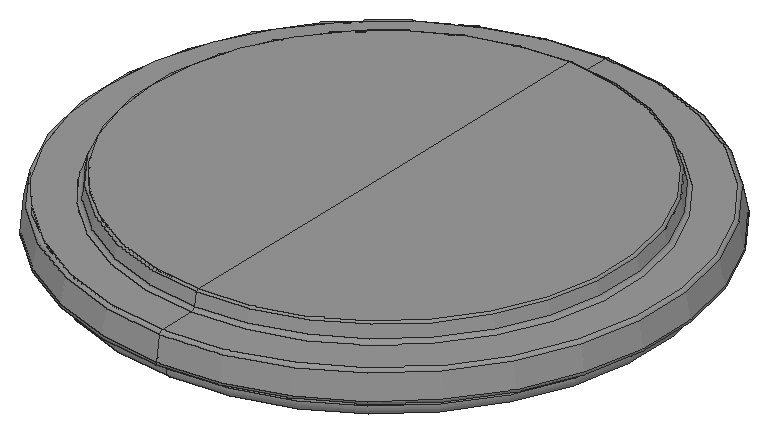
Revit family "FMK13_63_UN_Surface-mounted_ETK", category Lighting Fixtures, Revit 2017 (continued)
Definition of nested family "FMK.1 - Lightsource"
  Types (13, lengths in mm): name | Wattage Comments | Photometric Web File | built-in parameter 1150142 | Apparent Load
      82.7397\t271.7601\t260.7829\t249.8115\t238.199\t224.9904\t212.0355\t199.0916\r\n186.1571\t173.2273\t160.3064\t147.3979\t134.5054\t133.8004\t26.4433\t0\t0\t0\r\n0\t0\t0\t0\t0\t0\r\n405.3384\t404.7985\t404.2731\t402.9746\t400.9294\t398.9778\t395.1912\t391.2006\t387.1764\t383.1518\r\n379.3503\t373.2478\t366.6736\t360.0872\t353.4808\t347.1016\t338.8269\t329.9717\t321.1259\t312.2733\r\n303.6511\t293.3438\t282.42\t271.4857\t260.561\t249.8768\t237.5346\t224.5982\t211.6601\t198.736\r\n185.8092\t172.8976\t159.9952\t147.0924\t134.208\t131.9549\t19.0178\t0\t0\t0\r\n0\t0\t0\t0\t0\t0\r\n405.3384\t404.775\t404.2417\t402.941\t400.8877\t398.9141\t395.0686\t391.0953\t387.0939\t383.0703\r\n379.2465\t373.03\t366.4888\t359.9216\t353.3431\t346.971\t338.5451\t329.7328\t320.92\t312.0934\r\n303.4848\t293.0109\t282.1221\t271.2145\t260.3152\t249.6258\t237.1217\t224.202\t211.2903\t198.3835\r\n185.4706\t172.5647\t159.66\t146.7717\t133.8799\t129.6163\t13.1927\t0\t0\t0\r\n0\t0\t0\t0\t0\t0\r\n405.3384\t404.7527\t404.2068\t402.9019\t400.8767\t398.8558\t394.9637\t390.9782\t387.0011\t382.9988\r\n379.1382\t372.8305\t366.3205\t359.7944\t353.2392\t346.8416\t338.2971\t329.4929\t320.6819\t311.8859\r\n303.2565\t292.6827\t281.8284\t270.9715\t260.0963\t249.3876\t236.7404\t223.8309\t210.924\t198.0301\r\n185.1227\t172.2345\t159.3412\t146.4511\t133.5636\t127.1408\t8.7076\t0\t0\t0\r\n0\t0\t0\t0\t0\t0\r\n405.3384\t404.7317\t404.1685\t402.8573\t400.8341\t398.8203\t394.8729\t390.882\t386.8997\t382.9031\r\n379.0139\t372.6472\t366.1376\t359.6334\t353.1356\t346.7285\t338.0975\t329.2976\t320.4978\t311.7082\r\n303.0442\t292.3608\t281.5086\t270.6653\t259.8241\t249.1051\t236.3739\t223.483\t210.5936\t197.696\r\n184.8022\t171.9214\t159.0318\t146.1423\t133.2543\t124.7431\t5.3342\t0\t0\t0\r\n0\t0\t0\t0\t0\t0\r\n405.3384\t404.7118\t404.0854\t402.8071\t400.7827\t398.7607\t394.8082\t390.8197\t386.8117\t382.8145\r\n378.8745\t372.4566\t365.9558\t359.4647\t352.9636\t346.5217\t337.8337\t329.0692\t320.2987\t311.5096\r\n302.8013\t292.0593\t281.2296\t270.4093\t259.5758\t248.8064\t236.0021\t223.1017\t210.2133\t197.3263\r\n184.4407\t171.5452\t158.6583\t145.7732\t132.8917\t122.5723\t2.8944\t0\t0\t0\r\n0\t0\t0\t0\t0\t0\r\n405.3384\t404.6932\t404.0473\t402.7226\t400.7224\t398.6915\t394.7212\t390.7363\t386.7361\t382.7442\r\n378.7775\t372.3101\t365.7992\t359.3066\t352.8016\t346.3302\t337.6023\t328.8394\t320.0728\t311.2958\r\n302.561\t291.776\t280.951\t270.126\t259.3004\t248.5209\t235.6594\t222.7723\t209.8851\t196.9978\r\n184.1099\t171.2248\t158.3346\t145.4546\t132.5648\t120.8445\t1.2522\t0\t0\t0\r\n0\t0\t0\t0\t0\t0\r\n405.3384\t404.6757\t404.0125\t402.6704\t400.6365\t398.604\t394.6163\t390.6263\t386.6347\t382.642\r\n378.653\t372.1631\t365.664\t359.1642\t352.6514\t346.1579\t337.4057\t328.6338\t319.8737\t311.0997\r\n302.337\t291.5239\t280.7001\t269.8776\t259.0436\t248.2362\t235.3595\t222.4683\t209.58\t196.6886\r\n183.7994\t170.9097\t158.0181\t145.1276\t132.2357\t119.6415\t0.3076\t0\t0\t0\r\n0\t0\t0\t0\t0\t0\r\n405.3384\t404.6596\t403.9806\t402.6229\t400.5746\t398.5262\t394.5231\t390.5201\t386.5171\t382.514\r\n378.4993\t372.003\t365.4952\t358.999\t352.4911\t345.9949\t337.2046\t328.4142\t319.6239\t310.8453\r\n302.055\t291.2397\t280.4128\t269.5975\t258.7705\t247.9552\t235.0564\t222.1578\t209.2708\t196.372\r\n183.485\t170.5863\t157.6875\t144.8005\t131.9018\t119.0148\t0\t0\t0\t0\r\n0\t0\t0\t0\t0\t0\r\n405.3384\t404.6446\t403.952\t402.5799\t400.516\t398.4496\t394.4362\t390.4167\t386.393\t382.3765\r\n378.3639\t371.8594\t365.3463\t358.8345\t352.3221\t345.8186\t337.0218\t328.2282\t319.4233\t310.6293\r\n301.8361\t291.0019\t280.1697\t269.3256\t258.4827\t247.6533\t234.7581\t221.854\t208.9473\t196.0427\r\n183.1396\t170.2368\t157.3331\t144.4306\t131.5295\t118.923\t0.3058\t0\t0\t0\r\n0\t0\t0\t0\t0\t0\r\n405.3384\t404.6311\t403.9266\t402.5417\t400.4513\t398.3517\t394.3448\t390.3139\t386.2918\t382.2534\r\n378.238\t371.7358\t365.2058\t358.6709\t352.1332\t345.6284\t336.8455\t328.0252\t319.2071\t310.3886\r\n301.6022\t290.7741\t279.9105\t269.0599\t258.1993\t247.3735\t234.4901\t221.5727\t208.655\t195.7516\r\n182.8364\t169.9224\t157.0186\t144.1096\t131.2095\t119.4546\t1.2376\t0\t0\t0\r\n0\t0\t0\t0\t0\t0\r\n405.3384\t404.6189\t403.9044\t402.5099\t400.4048\t398.3042\t394.3046\t390.2607\t386.2346\t382.1535\r\n378.1197\t371.6271\t365.0667\t358.4953\t351.9348\t345.4342\t336.6778\t327.8251\t318.988\t310.1383\r\n301.3588\t290.557\t279.6705\t268.7827\t257.8964\t247.0828\t234.2295\t221.3067\t208.3745\t195.4454\r\n182.519\t169.6057\t156.6841\t143.7663\t130.8565\t120.461\t2.8438\t0\t0\t0\r\n0\t0\t0\t0\t0\t0\r\n405.3384\t404.608\t403.906\t402.4809\t400.3686\t398.2825\t394.3364\t390.2509\t386.1403\t382.0139\r\n377.9719\t371.5145\t364.9316\t358.3331\t351.741\t345.2569\t336.5322\t327.65\t318.7717\t309.893\r\n301.122\t290.3538\t279.4296\t268.5063\t257.6005\t246.812\t234.0133\t221.0577\t208.1226\t195.1708\r\n182.233\t169.2892\t156.3621\t143.428\t130.5101\t121.8491\t5.2081\t0\t0\t0\r\n0\t0\t0\t0\t0\t0\r\n405.3384\t404.5983\t403.8876\t402.4562\t400.3424\t398.3285\t394.312\t390.1748\t386.0001\t381.8499\r\n377.8465\t371.4423\t364.8155\t358.179\t351.5314\t345.0554\t336.4015\t327.4708\t318.5324\t309.5879\r\n300.8096\t290.1067\t279.1611\t268.2305\t257.289\t246.5037\t233.7899\t220.8066\t207.8411\t194.873\r\n181.9286\t168.9735\t156.0235\t143.0925\t130.1555\t123.4873\t8.4517\t0\t0\t0\r\n0\t0\t0\t0\t0\t0\r\n405.3384\t404.5901\t403.8694\t402.4354\t400.3632\t398.2964\t394.2634\t390.0534\t385.8948\t381.7277\r\n377.7335\t371.3662\t364.6894\t358.0074\t351.3178\t344.8397\t336.2562\t327.2573\t318.2671\t309.292\r\n300.5434\t289.9663\t278.9733\t267.9846\t257.0011\t246.2424\t233.6423\t220.6376\t207.6416\t194.6527\r\n181.66\t168.6794\t155.7053\t142.752\t129.7991\t125.1546\t12.7273\t0\t0\t0\r\n0\t0\t0\t0\t0\t0\r\n405.3384\t404.5832\t403.8511\t402.4184\t400.3294\t398.2373\t394.1753\t389.9932\t385.8207\t381.5858\r\n377.5585\t371.29\t364.5766\t357.8427\t351.0774\t344.5671\t336.1252\t327.126\t318.0989\t309.0717\r\n300.2725\t289.8361\t278.7856\t267.7468\t256.7121\t245.9428\t233.5014\t220.4496\t207.42\t194.3931\r\n181.3835\t168.3751\t155.3885\t142.4223\t129.4696\t126.6674\t18.2327\t0\t0\t0\r\n0\t0\t0\t0\t0\t0\r\n405.3384\t404.6161\t403.833\t402.4338\t400.2812\t398.117\t394.1504\t389.9734\t385.7276\t381.4258\r\n377.3816\t371.2392\t364.4718\t357.6674\t350.8628\t344.3271\t336.3727\t327.0146\t317.9224\t308.8102\r\n299.6801\t289.9237\t278.5829\t267.4993\t256.4203\t245.3261\t233.5789\t220.2411\t207.1712\t194.1138\r\n181.0807\t168.0584\t155.0612\t142.0858\t129.1328\t127.7426\t25.2025\t0\t0\t0\r\n0\t0\t0\t0\t0\t0\r\n405.3384\t404.6105\t403.8147\t402.4101\t400.2194\t398.0503\t394.1642\t389.934\t385.6217\t381.2896\r\n377.1953\t371.2003\t364.3795\t357.5497\t350.6777\t343.7901\t336.3331\t326.9098\t317.7336\t308.5378\r\n299.3341\t289.7717\t278.414\t267.2406\t256.0784\t244.9306\t233.4048\t220.0844\t206.987\t193.9063\r\n180.8452\t167.8011\t154.7799\t141.7801\t128.7982\t128.0121\t33.8934\t0\t0\t0\r\n0\t0\t0\t0\t0\t0\r\n405.3384\t404.605\t403.7961\t402.3797\t400.115\t397.9929\t394.1749\t389.882\t385.5568\t381.1715\r\n376.6631\t371.4951\t364.3355\t357.4079\t350.4678\t343.5064\t336.2424\t326.8117\t317.5627\t308.2892\r\n298.9902\t289.5725\t278.2428\t267.0234\t255.8103\t244.5868\t233.2271\t219.9634\t206.8227\t193.6957\r\n180.6021\t167.5443\t154.4957\t141.4702\t128.4705\t115.505\t70.026\t0\t0\t0\r\n0\t0\t0\t0\t0\t0\r\n405.3384\t404.5994\t403.7772\t402.343\t400.0582\t397.9547\t394.1952\t389.8748\t385.5291\t380.979\r\n376.4372\t371.47\t364.2569\t357.2705\t350.2636\t343.2284\t336.1012\t326.741\t317.3967\t308.0368\r\n298.6712\t289.3725\t278.1474\t266.8135\t255.5191\t244.2436\t233.0342\t219.8906\t206.6977\t193.5207\r\n180.3828\t167.2783\t154.2217\t141.1824\t128.1722\t115.1956\t80.4414\t0\t0\t0\r\n0\t0\t0\t0\t0\t0\r\n405.3384\t404.594\t403.7665\t402.3007\t400.0104\t397.8946\t394.467\t389.9452\t385.4255\t380.805\r\n376.2179\t371.3573\t364.2027\t357.1507\t350.0679\t342.9438\t335.905\t326.68\t317.25\t307.8176\r\n298.3724\t289.0673\t278.0222\t266.6515\t255.3003\t243.9401\t232.7582\t219.8133\t206.5867\t193.3789\r\n180.2056\t167.0687\t153.966\t140.8994\t127.8726\t114.8827\t90.1164\t0\t0\t0\r\n0\t0\t0\t0\t0\t0\r\n405.3384\t404.5889\t403.7442\t402.2253\t399.9717\t397.8259\t394.5256\t389.9394\t385.2649\t380.6538\r\n375.9641\t371.2248\t364.1789\t357.067\t349.8977\t342.6677\t335.6288\t326.6532\t317.1531\t307.6244\r\n298.0542\t288.478\t278.2469\t266.5399\t255.0597\t243.6182\t232.4332\t219.7955\t206.4902\t193.2133\r\n180.0012\t166.821\t153.6857\t140.5957\t127.5588\t114.5661\t98.6146\t0\t0\t0\r\n0\t0\t0\t0\t0\t0\r\n405.3384\t404.5838\t403.7204\t402.1836\t399.9493\t397.495\t394.6576\t389.8387\t385.1686\t380.5014\r\n375.729\t371.0605\t364.1878\t357.0066\t349.7365\t342.3831\t334.9798\t326.9611\t317.1042\t307.4527\r\n297.7974\t288.1146\t278.1369\t266.4125\t254.8729\t243.3316\t231.7822\t219.9393\t206.403\t193.0914\r\n179.8299\t166.6203\t153.466\t140.3518\t127.2713\t114.2585\t105.3682\t0\t0\t0\r\n0\t0\t0\t0\t0\t0\r\n405.3384\t404.579\t403.6953\t402.1453\t400.0044\t397.4328\t394.6846\t389.7831\t385.1052\t380.3588\r\n375.5172\t370.8454\t364.2472\t356.9647\t349.5864\t342.1389\t334.6459\t326.9338\t317.0698\t307.3364\r\n297.5463\t287.7394\t277.9639\t266.3589\t254.7041\t243.037\t231.404\t219.803\t206.3799\t193.0247\r\n179.6747\t166.415\t153.2216\t140.0873\t127.0126\t113.9921\t109.8199\t9.0426\t0\t0\r\n0\t0\t0\t0\t0\t0\r\n405.3384\t404.5744\t403.6691\t402.1103\t399.9781\t397.3776\t394.6495\t389.7577\t385.0555\t380.2439\r\n375.3168\t370.2787\t364.5973\t356.9471\t349.4699\t341.9308\t334.3338\t326.7694\t317.1018\t307.2337\r\n297.342\t287.4211\t277.6928\t266.3301\t254.5511\t242.8085\t231.0731\t219.5536\t206.3499\t192.9347\r\n179.5687\t166.2649\t153.016\t139.8234\t126.726\t113.6905\t111.2803\t21.7073\t0\t0\r\n0\t0\t0\t0\t0\t0\r\n405.3384\t404.57\t403.6421\t402.0785\t399.9533\t397.3665\t394.4977\t389.7642\t385.0355\t380.1533\r\n375.1312\t370.0104\t364.5699\t356.9602\t349.3932\t341.7532\t334.0283\t326.4707\t317.1654\t307.1994\r\n297.1718\t287.133\t277.0299\t266.5617\t254.4718\t242.5962\t230.7316\t218.9364\t206.6337\t192.9105\r\n179.4434\t166.087\t152.7988\t139.6068\t126.4833\t113.4569\t100.4945\t60.079\t0\t0\r\n0\t0\t0\t0\t0\t0\r\n405.3384\t404.5661\t403.6144\t402.0512\t399.9354\t397.2997\t394.4018\t389.8025\t385.0322\t380.0745\r\n374.9814\t369.7443\t364.4545\t357.0142\t349.3678\t341.6146\t333.7412\t325.8005\t317.4989\t307.1996\r\n297.0754\t286.8649\t276.6591\t266.3928\t254.4188\t242.4545\t230.4861\t218.5355\t206.5242\t192.8964\r\n179.3794\t165.9637\t152.639\t139.4008\t126.2545\t113.2052\t100.2394\t75.4175\t0\t0\r\n0\t0\t0\t0\t0\t0\r\n405.3384\t404.5625\t403.5863\t402.0218\t399.9104\t397.2171\t394.3045\t389.8927\t385.0511\t380.0149\r\n374.8455\t369.4904\t364.2419\t357.1219\t349.384\t341.4901\t333.5186\t325.4314\t317.3612\t307.2899\r\n297.0022\t286.6805\t276.276\t266.1102\t254.4772\t242.3425\t230.2194\t218.174\t206.3008\t192.9174\r\n179.3579\t165.8762\t152.4972\t139.2127\t126.0328\t112.9621\t100.0093\t87.0551\t0\t0\r\n0\t0\t0\t0\t0\t0\r\n405.3384\t404.5593\t403.5488\t401.9935\t399.8835\t397.1246\t394.2037\t390.2303\t385.0913\t379.9896\r\n374.7291\t369.2488\t363.6276\t357.5035\t349.4258\t341.4412\t333.3238\t325.0865\t317.0691\t307.6993\r\n297.0161\t286.5013\t276.02\t265.4718\t254.6844\t242.2835\t230.06\t217.8462\t205.7159\t193.2069\r\n179.3627\t165.7938\t152.3453\t139.0419\t125.8422\t112.7623\t99.7796\t94.113\t0.6105\t0\r\n0\t0\t0\t0\t0\t0\r\n405.3384\t404.5567\t403.4347\t401.9663\t399.8542\t396.9916\t393.8623\t390.3025\t385.1493\t379.9968\r\n374.6293\t369.0482\t363.3058\t357.4798\t349.5307\t341.4245\t333.1708\t324.8183\t316.3472\t307.7332\r\n297.0531\t286.4824\t275.7917\t265.0603\t254.4821\t242.3206\t229.9441\t217.6132\t205.3254\t193.1091\r\n179.3748\t165.764\t152.2793\t138.8941\t125.6464\t112.5384\t99.5694\t86.7243\t14.0692\t0\r\n0\t0\t0\t0\t0\t0\r\n405.3384\t404.5544\t403.4109\t401.9397\t399.8279\t396.9235\t393.766\t390.3402\t385.2395\t380.0227\r\n374.5426\t368.8806\t363.0291\t357.2464\t350.0081\t341.4712\t333.0914\t324.5758\t315.9704\t307.4474\r\n297.2703\t286.4865\t275.6403\t264.756\t253.843\t242.607\t229.9008\t217.4057\t204.9789\t192.7969\r\n179.4987\t165.7588\t152.175\t138.7541\t125.4881\t112.3504\t99.3709\t86.5437\t51.9517\t0\r\n0\t0\t0\t0\t0\t0\r\n405.3384\t404.5528\t403.3896\t401.9136\t399.7913\t396.957\t393.6984\t390.3419\t385.3606\t380.0818\r\n374.5\t368.7496\t362.7919\t356.6028\t350.0626\t341.5854\t333.0658\t324.4216\t315.6059\t306.7421\r\n297.6344\t286.5955\t275.5812\t264.5172\t253.4454\t242.4387\t229.9497\t217.306\t204.7451\t192.2166\r\n179.6744\t165.7968\t152.1564\t138.646\t125.329\t112.1759\t99.1985\t86.3772\t68.9502\t0\r\n0\t0\t0\t0\t0\t0\r\n405.3384\t404.5516\t403.3711\t401.8875\t399.7527\t396.9277\t393.6298\t390.2999\t385.7547\t380.1611\r\n374.5012\t368.6583\t362.5687\t356.2748\t349.9304\t341.7568\t333.1054\t324.2991\t315.3601\t306.3451\r\n297.4021\t286.7961\t275.6181\t264.4085\t253.1166\t241.8373\t230.2463\t217.3133\t204.529\t191.8469\r\n179.4606\t165.8616\t152.1382\t138.5889\t125.1903\t112.0098\t99.0178\t86.2149\t79.0059\t0\r\n0\t0\t0\t0\t0\t0\r\n405.3384\t404.5303\t403.3553\t401.8645\t399.7131\t396.9209\t393.5723\t390.1989\t385.8711\t380.2535\r\n374.5458\t368.6079\t362.4015\t355.9658\t349.3036\t342.1689\t333.2403\t324.278\t315.2144\t305.9895\r\n296.6392\t287.1356\t275.8011\t264.3885\t252.9357\t241.4441\t230.1178\t217.3521\t204.4354\t191.5936\r\n178.8542\t166.1287\t152.1585\t138.5008\t125.0791\t111.8622\t98.8722\t86.0895\t73.5113\t5.8064\r\n0\t0\t0\t0\t0\t0\r\n405.3384\t404.5303\t403.3424\t401.8359\t399.6738\t396.904\t393.5271\t389.8272\t385.9412\t380.4009\r\n374.6452\t368.602\t362.2897\t355.7113\t348.9026\t342.0438\t333.4533\t324.356\t315.1404\t305.736\r\n296.21\t286.8176\t276.3248\t264.5084\t252.8679\t241.1993\t229.4494\t217.6364\t204.4484\t191.4377\r\n178.5308\t165.8585\t152.2347\t138.4866\t125.0067\t111.7492\t98.7341\t85.9681\t73.4427\t41.0177\r\n0\t0\t0\t0\t0\t0\r\n405.3384\t404.5314\t403.3323\t401.8066\t399.6355\t396.8882\t393.4998\t389.7256\t385.9264\t380.8323\r\n374.7825\t368.6476\t362.2247\t355.5179\t348.5777\t341.3716\t333.8428\t324.5619\t315.1649\t305.6139\r\n295.8944\t286.068\t276.276\t264.795\t252.9611\t241.028\t229.1012\t217.1796\t204.5856\t191.3702\r\n178.2755\t165.3108\t152.4401\t138.5329\t124.9629\t111.6537\t98.6364\t85.8681\t73.3923\t59.4422\r\n0\t0\t0\t0\t0\t0\r\n405.3384\t404.5334\t403.3254\t401.7768\t399.5834\t396.8724\t393.5563\t389.6813\t385.8296\t380.9686\r\n374.9634\t368.7467\t362.223\t355.3988\t348.3247\t340.9663\t333.6105\t325.0909\t315.3013\t305.5958\r\n295.7167\t285.6879\t275.5196\t265.2641\t253.1643\t241.0284\t228.9013\t216.7619\t204.7197\t191.4431\r\n178.1426\t165.025\t152.054\t138.6238\t124.949\t111.5808\t98.5317\t85.7999\t73.3521\t67.4468\r\n0\t0\t0\t0\t0\t0\r\n405.3384\t404.5367\t403.3213\t401.747\t399.553\t396.8551\t393.5253\t389.642\t385.4196\t381.0143\r\n375.4341\t368.8936\t362.2811\t355.3633\t348.149\t340.6463\t332.8952\t325.0567\t315.6054\t305.7209\r\n295.6694\t285.4283\t275.0861\t264.6206\t253.7214\t241.2356\t228.8857\t216.5051\t204.1542\t191.7482\r\n178.1912\t164.8347\t151.6841\t138.7372\t124.9638\t111.5467\t98.4431\t85.7156\t73.3308\t61.2799\r\n6.6224\t0\t0\t0\t0\t0\r\n405.3384\t404.541\t403.3206\t401.7173\t399.5263\t396.8348\t393.4891\t389.6228\t385.3035\t380.9705\r\n375.6064\t369.1065\t362.3871\t355.4019\t348.059\t340.4189\t332.5297\t324.353\t315.9992\t306.0013\r\n295.7691\t285.3359\t274.8118\t264.0762\t253.4617\t241.8475\t229.0559\t216.4579\t203.8582\t191.3277\r\n178.4886\t164.7975\t151.4218\t138.2923\t125.0643\t111.5119\t98.3871\t85.6566\t73.3292\t61.3845\r\n41.3401\t0\t0\t0\t0\t0\r\n405.3384\t404.7046\t403.3351\t401.6085\t399.5025\t396.8106\t393.4101\t389.6964\t385.2267\t380.5909\r\n375.6608\t369.6146\t362.5887\t355.5216\t348.0628\t340.3035\t332.2796\t323.9612\t315.3815\t306.4951\r\n296.0045\t285.4293\t274.6916\t263.7186\t252.6951\t241.7657\t229.4357\t216.6186\t203.7814\t190.9543\r\n178.3774\t164.9054\t151.3423\t137.993\t125.0188\t111.5486\t98.3549\t85.6161\t73.3518\t61.5005\r\n54.5145\t0\t0\t0\t0\t0\r\n405.3384\t404.7094\t403.3409\t401.5892\t399.4806\t396.7853\t393.3861\t389.647\t385.1911\t380.4752\r\n375.5799\t369.7733\t362.8838\t355.7241\t348.1677\t340.311\t332.135\t323.6844\t314.9275\t305.9445\r\n296.5192\t285.7241\t274.7325\t263.6059\t252.3232\t240.938\t229.682\t217.0354\t203.8964\t190.8667\r\n177.8483\t165.1045\t151.4128\t137.8197\t124.5862\t111.6542\t98.3596\t85.6026\t73.3081\t61.567\r\n50.2719\t0\t0\t0\t0\t0\r\n405.3384\t404.7141\t403.3495\t401.5769\t399.4597\t396.7589\t393.3787\t389.6141\t385.2819\t380.3954\r\n375.1982\t369.7519\t363.3915\t356.0194\t348.3778\t340.4279\t332.1175\t323.54\t314.6307\t305.4612\r\n295.9656\t286.2757\t275.0119\t263.7288\t252.2133\t240.5678\t228.8725\t217.2219\t204.3601\t191.0024\r\n177.7549\t164.5951\t151.6169\t137.856\t124.3917\t111.3335\t98.3751\t85.5165\t73.2932\t61.597\r\n50.4839\t26.8985\t0\t0\t0\t0\r\n405.3384\t404.7188\t403.3611\t401.5899\t399.4393\t396.7318\t393.3783\t389.5778\t385.2799\t380.4048\r\n375.1029\t369.354\t363.4329\t356.5509\t348.7107\t340.6772\t332.2579\t323.5399\t314.5046\t305.1188\r\n295.5188\t285.63\t275.5222\t264.0384\t252.342\t240.479\t228.5121\t216.4262\t204.4988\t191.6613\r\n177.9175\t164.4704\t151.1862\t138.14\t124.3921\t111.0641\t98.3014\t85.4755\t73.1886\t61.5768\r\n50.6169\t43.8035\t0\t0\t0\t0\r\n405.3384\t404.7234\t403.3758\t401.5932\t399.3558\t396.7043\t393.383\t389.5381\t385.271\t380.3873\r\n375.0389\t369.2482\t363.0412\t356.6073\t349.2775\t341.0511\t332.5546\t323.7019\t314.5615\t305.0088\r\n295.2657\t285.1407\t274.8439\t264.3864\t252.9603\t240.7003\t228.4626\t216.1193\t203.7058\t191.2839\r\n178.5866\t164.7027\t151.1153\t137.7422\t124.6359\t111.0334\t97.9491\t85.3922\t73.0802\t61.4885\r\n50.6435\t40.5048\t0\t0\t0\t0\r\n405.3384\t404.7278\t403.3938\t401.6032\t399.3484\t396.6726\t393.3886\t389.4997\t385.2549\t380.3738\r\n375.1114\t369.2206\t362.9224\t356.2011\t349.3184\t341.6044\t333.2293\t324.0355\t314.7893\t305.1249\r\n295.2219\t284.9551\t274.4342\t263.6396\t252.6034\t241.2841\t228.7342\t216.1549\t203.4536\t190.7548\r\n178.0519\t165.358\t151.3808\t137.7373\t124.3116\t111.2524\t97.8365\t85.0967\t72.89\t61.3103\r\n50.5893\t40.6649\t9.0488\t0\t0\t0\r\n405.3384\t404.7319\t403.4151\t401.6204\t399.
